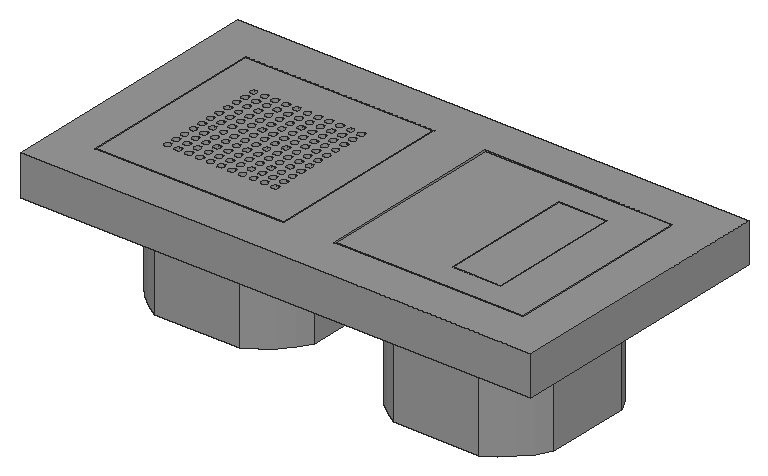
Revit family "Gira_228026", category Electrical Fixtures, host Face, Revit 2017
Family settings
  Host = Face
  Maintain Annotation Orientation = Yes
  Round Connector Dimension = Use Diameter
  Part Type = Normal
  Cut with Voids When Loaded = No
  Shared = No
  Room Calculation Point = No
Parameters (values of type "RDS FM radio speaker System 55 c.alum.")
  URL = "http://katalog.gira.de/en/datenblatt.html?artikelnr=228026"
  Transparent = "No"
  Name = "RDS FM radio speaker System 55 c.alum."
  Model = "Radio"
  Manufacturer URL = "https://www.gira.de/"
  Manufacturer = "Gira"
  Keynote = ""
  HeinzeBIM = "https://bimportal.heinze.de/bim/rds-fm-radio-speaker-system-55-c-alum-/4d2cc39a3b163c52c6f0f39c77491ccf668227b0"
  HAN = "228026"
  GTIN = "4010337068020"
  Description = "RDS FM radio spk. Sys55 CAl,RDS flush-mounted radio with a speaker,Operating top unit in black glass appearance,colour aluminium,Features:,- FM radio with RDS display for flush-mounted installation.,- The RDS flush-mounted radio consists of a radio insert with operating top unit and speaker insert with cover.,- The radio insert is compactly mounted in a flush-mounted insert and can therefore be installed in a single device box.,- The speaker can be installed in combination with the radio insert or offset in a device box. Two loudspeakers can be connected to the radio insert.,- The radio automatically detects connected speakers and switches between stereo and mono mode.,- With a corresponding RDS signal, the display of the operating top unit shows the station name, the transmission frequency and the time.,- Operation of the radio is using the capacitive buttons of the operating top unit. Operation only requires a light touching of the symbols.,- The RDS flush-mounted radio has two station presets, upon each of which a station setting can simply be saved and called up with the button actuation.,- For example, the radio can be switched on via the auxiliary input with a light switch or automatic control switch together with the room lighting.,- External audio sources, for example an MP3 player, can be connected to the radio via the stereo AUX input of the radio. For connection to the external audio source, an additional phono insert is required which is connected to the AUX terminals of the radio insert.,- The docking station insert is connected directly to the stereo AUX input for music playback.,- In sleep mode the radio switches off automatically 30 minutes after switching on.,,Notes :,- Reception interference can result in combination with additional electronic devices under one cover plate."
  Default Elevation = 1219.2 mm
  Data sheet (1) = "https://katalog.gira.de/en/download.html?artikelnr=228026"
  Category = "Electronic insert for domestic switching devices"
  BIM (1) = "https://media.stage.bim.site/public/gira/36a6b08/Sys55_Komplettgerät_UP-Radio.rfa?public/gira/36a6b08/Sys55_Komplettgerät_UP-Radio.rfa"
  Available = "No"
Reference planes
  plane 1 "Center (Front/Back)": y = 0
  plane 2 "Reference Level 0": z = 0
  plane 3 "Center (Left/Right)": x = 0
  plane 4 "Reference Level 1": z = 11.9
Forms (mm)
  Extrusion 1, solid, material "White", detail levels medium+fine
    sketch origin (0, 0, 0) x (1, 0, 0) y (0, 1, 0)
      loop
        line (-75.892, 40.342) -> (-75.892, -40.342) -> (75.892, -40.342) -> (75.892, 40.342) -> (-75.892, 40.342)
      loop
        line (-7.45, 28.1) -> (-63.65, 28.1) -> (-63.65, -28.1) -> (-7.45, -28.1) -> (-7.45, 28.1)
      loop
        line (7.45, 28.1) -> (7.45, -28.1) -> (63.65, -28.1) -> (63.65, 28.1) -> (7.45, 28.1)
    from 0 to 11.9
  Extrusion 2, solid, material "White", detail levels fine
    sketch origin (0, 0, 0) x (1, 0, 0) y (0, 1, 0)
      loop
        circle (-19.55, 16) r 1
      loop
        circle (-22.75, 16) r 1
      loop
        circle (-25.95, 16) r 1
      loop
        circle (-29.15, 16) r 1
      loop
        circle (-32.35, 16) r 1
      loop
        circle (-35.55, 16) r 1
      loop
        circle (-38.75, 16) r 1
      loop
        circle (-41.95, 16) r 1
      loop
        circle (-45.15, 16) r 1
      loop
        circle (-48.35, 16) r 1
      loop
        circle (-51.55, 16) r 1
      loop
        circle (-19.55, 12.8) r 1
      loop
        circle (-22.75, 12.8) r 1
      loop
        circle (-25.95, 12.8) r 1
      loop
        circle (-29.15, 12.8) r 1
      loop
        circle (-32.35, 12.8) r 1
      loop
        circle (-35.55, 12.8) r 1
      loop
        circle (-38.75, 12.8) r 1
      loop
        circle (-41.95, 12.8) r 1
      loop
        circle (-45.15, 12.8) r 1
      loop
        circle (-48.35, 12.8) r 1
      loop
        circle (-51.55, 12.8) r 1
      loop
        circle (-19.55, 9.6) r 1
      loop
        circle (-22.75, 9.6) r 1
      loop
        circle (-25.95, 9.6) r 1
      loop
        circle (-29.15, 9.6) r 1
      loop
        circle (-32.35, 9.6) r 1
      loop
        circle (-35.55, 9.6) r 1
      loop
        circle (-38.75, 9.6) r 1
      loop
        circle (-41.95, 9.6) r 1
      loop
        circle (-45.15, 9.6) r 1
      loop
        circle (-48.35, 9.6) r 1
      loop
        circle (-51.55, 9.6) r 1
      loop
        circle (-19.55, 6.4) r 1
      loop
        circle (-22.75, 6.4) r 1
      loop
        circle (-25.95, 6.4) r 1
      loop
        circle (-29.15, 6.4) r 1
      loop
        circle (-32.35, 6.4) r 1
      loop
        circle (-35.55, 6.4) r 1
      loop
        circle (-38.75, 6.4) r 1
      loop
        circle (-41.95, 6.4) r 1
      loop
        circle (-45.15, 6.4) r 1
      loop
        circle (-48.35, 6.4) r 1
      loop
        circle (-51.55, 6.4) r 1
      loop
        circle (-19.55, 3.2) r 1
      loop
        circle (-22.75, 3.2) r 1
      loop
        circle (-25.95, 3.2) r 1
      loop
        circle (-29.15, 3.2) r 1
      loop
        circle (-32.35, 3.2) r 1
      loop
        circle (-35.55, 3.2) r 1
      loop
        circle (-38.75, 3.2) r 1
      loop
        circle (-41.95, 3.2) r 1
      loop
        circle (-45.15, 3.2) r 1
      loop
        circle (-48.35, 3.2) r 1
      loop
        circle (-51.55, 3.2) r 1
      loop
        circle (-19.55, 0) r 1
      loop
        circle (-22.75, 0) r 1
      loop
        circle (-25.95, 0) r 1
      loop
        circle (-29.15, 0) r 1
      loop
        circle (-32.35, 0) r 1
      loop
        circle (-35.55, 0) r 1
      loop
        circle (-38.75, 0) r 1
      loop
        circle (-41.95, 0) r 1
      loop
        circle (-45.15, 0) r 1
      loop
        circle (-48.35, 0) r 1
      loop
        circle (-51.55, 0) r 1
      loop
        circle (-19.55, -3.2) r 1
      loop
        circle (-22.75, -3.2) r 1
      loop
        circle (-25.95, -3.2) r 1
      loop
        circle (-29.15, -3.2) r 1
      loop
        circle (-32.35, -3.2) r 1
      loop
        circle (-35.55, -3.2) r 1
      loop
        circle (-38.75, -3.2) r 1
      loop
        circle (-41.95, -3.2) r 1
      loop
        circle (-45.15, -3.2) r 1
      loop
        circle (-48.35, -3.2) r 1
      loop
        circle (-51.55, -3.2) r 1
      loop
        circle (-19.55, -6.4) r 1
      loop
        circle (-22.75, -6.4) r 1
      loop
        circle (-25.95, -6.4) r 1
      loop
        circle (-29.15, -6.4) r 1
      loop
        circle (-32.35, -6.4) r 1
      loop
        circle (-35.55, -6.4) r 1
      loop
        circle (-38.75, -6.4) r 1
      loop
        circle (-41.95, -6.4) r 1
      loop
        circle (-45.15, -6.4) r 1
      loop
        circle (-48.35, -6.4) r 1
      loop
        circle (-51.55, -6.4) r 1
      loop
        circle (-19.55, -9.6) r 1
      loop
        circle (-22.75, -9.6) r 1
      loop
        circle (-25.95, -9.6) r 1
      loop
        circle (-29.15, -9.6) r 1
      loop
        circle (-32.35, -9.6) r 1
      loop
        circle (-35.55, -9.6) r 1
      loop
        circle (-38.75, -9.6) r 1
      loop
        circle (-41.95, -9.6) r 1
      loop
        circle (-45.15, -9.6) r 1
      loop
        circle (-48.35, -9.6) r 1
      loop
        circle (-51.55, -9.6) r 1
      loop
        circle (-19.55, -12.8) r 1
      loop
        circle (-22.75, -12.8) r 1
      loop
        circle (-25.95, -12.8) r 1
      loop
        circle (-29.15, -12.8) r 1
      loop
        circle (-32.35, -12.8) r 1
      loop
        circle (-35.55, -12.8) r 1
      loop
        circle (-38.75, -12.8) r 1
      loop
        circle (-41.95, -12.8) r 1
      loop
        circle (-45.15, -12.8) r 1
      loop
        circle (-48.35, -12.8) r 1
      loop
        circle (-51.55, -12.8) r 1
      loop
        circle (-19.55, -16) r 1
      loop
        circle (-22.75, -16) r 1
      loop
        circle (-25.95, -16) r 1
      loop
        circle (-29.15, -16) r 1
      loop
        circle (-32.35, -16) r 1
      loop
        circle (-35.55, -16) r 1
      loop
        circle (-38.75, -16) r 1
      loop
        circle (-41.95, -16) r 1
      loop
        circle (-45.15, -16) r 1
      loop
        circle (-48.35, -16) r 1
      loop
        circle (-51.55, -16) r 1
      loop
        line (-63.25, 27.7) -> (-63.25, -27.7) -> (-7.85, -27.7) -> (-7.85, 27.7) -> (-63.25, 27.7)
    from 0 to 11.9
  Extrusion 3, solid, material "White", detail levels fine
    sketch origin (0, 0, 0) x (1, 0, 0) y (0, 1, 0)
      loop
        line (7.95, 27.7) -> (7.95, -27.7) -> (63.35, -27.7) -> (63.35, 27.7) -> (7.95, 27.7)
      loop
        line (35.999, -19.679) -> (50.301, -19.679) -> (50.229, 19.679) -> (36.071, 19.679) -> (35.999, -19.679)
    from 0 to 11.9
  Extrusion 4, solid, material "White", detail levels fine
    sketch origin (0, 0, 0) x (1, 0, 0) y (0, 1, 0)
      loop
        line (35.999, -19.679) -> (50.301, -19.679) -> (50.229, 19.679) -> (36.071, 19.679) -> (35.999, -19.679)
    from 0 to 11.9
  Extrusion 5, solid, material "White", detail levels medium
    sketch origin (0, 0, 0) x (1, 0, 0) y (0, 1, 0)
      loop
        line (-63.65, 28.1) -> (-63.65, -28.1) -> (-7.45, -28.1) -> (-7.45, 28.1) -> (-63.65, 28.1)
    from 0 to 11.9
  Extrusion 6, solid, material "White", detail levels medium
    sketch origin (0, 0, 0) x (1, 0, 0) y (0, 1, 0)
      loop
        line (7.45, 28.1) -> (7.45, -28.1) -> (63.65, -28.1) -> (63.65, 28.1) -> (7.45, 28.1)
    from 0 to 11.9
  Extrusion 7, solid, material "Grey", detail levels fine
    sketch origin (0, 0, 0) x (1, 0, 0) y (0, 1, 0)
      loop
        arc (10.55, -12.61) -> (15.751, -19.799) -> (22.94, -25) r 28
        line (22.94, -25) -> (48.16, -25)
        arc (48.16, -25) -> (55.349, -19.799) -> (60.55, -12.61) r 28
        line (60.55, -12.61) -> (60.55, 12.61)
        arc (60.55, 12.61) -> (55.349, 19.799) -> (48.16, 25) r 28
        line (48.16, 25) -> (22.94, 25)
        arc (22.94, 25) -> (15.751, 19.799) -> (10.55, 12.61) r 28
        line (10.55, 12.61) -> (10.55, -12.61)
    from 0 to -31.7
  Extrusion 8, solid, material "Grey", detail levels fine
    sketch origin (0, 0, 0) x (-1, 0, 0) y (0, -1, 0)
      loop
        line (10.55, 12.61) -> (10.55, -12.61)
        arc (10.55, -12.61) -> (15.751, -19.799) -> (22.94, -25) r 28
        line (22.94, -25) -> (48.16, -25)
        arc (48.16, -25) -> (55.349, -19.799) -> (60.55, -12.61) r 28
        line (60.55, -12.61) -> (60.55, 12.61)
        arc (60.55, 12.61) -> (55.349, 19.799) -> (48.16, 25) r 28
        line (48.16, 25) -> (22.94, 25)
        arc (22.94, 25) -> (15.751, 19.799) -> (10.55, 12.61) r 28
    from 0 to -28
  Extrusion 9, solid, detail levels medium
    sketch origin (0, 0, 0) x (-1, 0, 0) y (0, -1, 0)
      loop
        line (10.55, 25) -> (10.55, -25) -> (60.55, -25) -> (60.55, 25) -> (10.55, 25)
    from 0 to -28
  Extrusion 10, solid, detail levels medium
    sketch origin (0, 0, 0) x (1, 0, 0) y (0, 1, 0)
      loop
        line (10.55, -25) -> (60.55, -25) -> (60.55, 25) -> (10.55, 25) -> (10.55, -25)
    from 0 to -31.7
  Extrusion 11, solid, material "Grey", detail levels coarse
    sketch origin (0, 0, 0) x (1, 0, 0) y (0, 1, 0)
      loop
        line (-75.892, 40.342) -> (-75.892, -40.342) -> (75.892, -40.342) -> (75.892, 40.342) -> (-75.892, 40.342)
    from -31.7 to 11.9
Cuts and joins
  joined: Extrusion 7, Extrusion 8
  joined: Extrusion 9, Extrusion 10
Dimensions and locks
  aligned and locked: plane 2 "Reference Level 0" to host face
  aligned and locked: level to host face
Nested families
  nested 1: "Radio Beschriftung" at (0, 0, 0) x (0, 1, 0) z (0, 0, 1), type "Radio Beschriftung"
Connectors
  electrical at (-35.55, 0, -28)
    settings: on cut or joined group of Extrusion 7, Extrusion 8, index 1, voltage 220 V, apparent load 0 VA, apparent load phase1 0 VA, apparent load phase2 0 VA, apparent load phase3 0 VA, power factor 1, load classification "Other", number of poles 1, system type 31, power factor state 1, is connector primary yes, connector utility no, sub classification motor no, connector description ""
Definition of nested family "Radio Beschriftung"
  Reference planes
    plane 1: y = 0
    plane 2: x = 0
  Lines and regions (mm)
    detail lines
      curve 1: line (0, 1, 0) -> (3, 1, 0)
      curve 2: line (0, -1, 0) -> (0, 1, 0)
      curve 3: line (3, -1, 0) -> (0, -1, 0)
      curve 4: line (3, 1, 0) -> (3, -1, 0)
      curve 5: line (2, 1, 0) -> (2, -1, 0)
      curve 6: line (3, 1, 0) -> (2, 0.49, 0)
      curve 7: line (3, -1, 0) -> (2, -0.49, 0)
  Dimensions and locks
    curve 2 to curve 4 = 3 mm
    curve 3 to curve 1 = 2 mm
